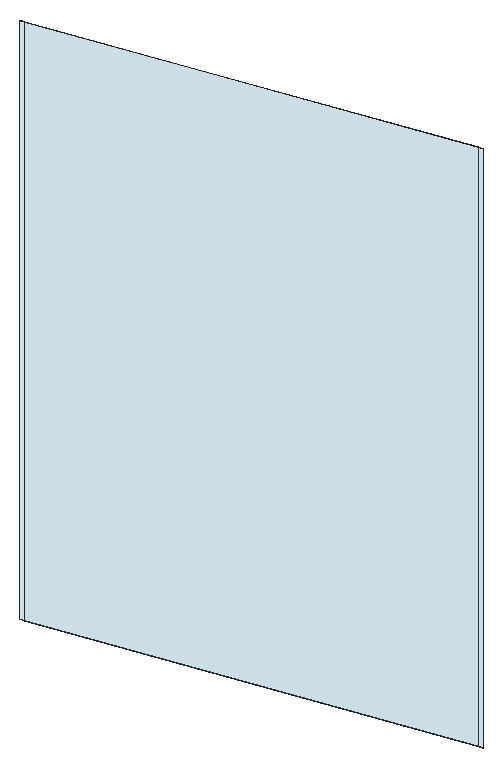
Revit family "Panel - Glass", category Balusters, Revit 2019
Family settings
  OmniClass Number = 23.30.80.11.11.11
  OmniClass Title = Infill Panels
  Always vertical = Yes
  Cut with Voids When Loaded = No
  Shared = No
Parameters (values of type "2' 8"")
  Width = 2' - 8"
  built-in parameter 1008623 [instance] = (empty or 0)
  Thickness = 0' - 0 1/4"
  built-in parameter 1008625 [instance] = 32.47°
  Post = no
  Glass = Glass
  built-in parameter 1008624 [instance] = (empty or 0)
  built-in parameter 1008622 [instance] = 2' - 6"
Types (2): name | Width
  2' 8" | 2' - 8"
  4' 3" | 4' - 3"
Reference planes (in)
  plane 1 "Center (Front/Back)": y = 0
  plane 2: z = 0
  plane 3 "Center (Left/Right)": x = 0.13229
  plane 4: z = 30
  plane 5 "Slope Angle (Top)": through (0, 13.58797, 21.35351) normal (0, -0.5369, -0.8437)
  plane 6 "Slope Angle (Bottom)": through (0, 0, 0) normal (0, -0.5369, -0.8437)
  plane 7 "Front": y = 16
  plane 8 "Back": y = -16
  plane 9: x = 0.00729
  plane 10: x = 0.25729
Forms (in)
  Extrusion 1, solid, material "Glass" <- "Glass"
    sketch origin (0.13229, 0, 0) x (0, 1, 0) y (0, 0, 1)
      loop
        line (16, 19.81865) -> (-16, 40.18135) -> (-16, 10.18135) -> (16, -10.18135) -> (16, 19.81865)
    from -0.125 to 0.125
Text (in)
  text "Baluster Panel Elevation" at (0, 40.229, 48.5925), in view "Left"
Dimensions and locks (in)
  "built-in parameter 1008622": plane 2 to plane 4
  equal spacing: plane 7 "Front", plane 1 "Center (Front/Back)", plane 8 "Back"
  "Width": plane 7 "Front" to plane 8 "Back"
  equal spacing: plane 9, plane 3 "Center (Left/Right)", plane 10
  "Thickness": plane 9 to plane 10
  "built-in parameter 1008625": angle plane 4 to plane 5 "Slope Angle (Top)"
  "built-in parameter 1008625": angle level to plane 6 "Slope Angle (Bottom)"
  aligned and locked: plane 2 to level
  aligned and locked: Extrusion 1 sketch curve to plane 5 "Slope Angle (Top)"
  aligned and locked: plane 7 "Front" to Extrusion 1 sketch curve
  aligned and locked: Extrusion 1 sketch curve to plane 8 "Back"
  aligned and locked: plane 6 "Slope Angle (Bottom)" to Extrusion 1 sketch curve
  aligned and locked: Extrusion 1 to plane 9
  aligned and locked: Extrusion 1 to plane 10
